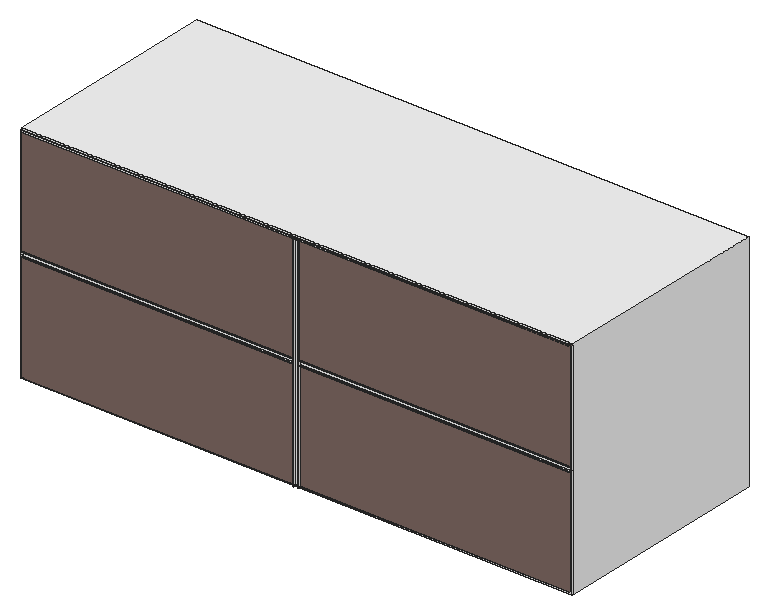
Revit family "vanity unit-hansgrohe-54236XXX-Xevolos E Vanity unit Matt White 1370_550 with 4 drawers for consoles with countertop basin ground left", category Furniture, Revit 2019
Family settings
  OmniClass Number = 23.40.00.00
  OmniClass Title = Equipment and Furnishings
  Work Plane-Based = No
  Always vertical = Yes
  Cut with Voids When Loaded = No
  Shared = Yes
  Room Calculation Point = No
Parameters (values of type "54236730-MATT_WHITE-DARK_OAK-200")
  etim7_EC011381 = "EC011381"
  WEIGHT = "83.3"
  UNSPSC = "56 | Furniture and Furnishings"
  UNIFORMATII = "E2010 | Fixed Furnishings"
  UNICLASS_2015_CODE = "40_30_78_05"
  UNICLASS2015 = "Pr_40_30_78_05 | Bathroom furniture"
  SURFACE = "DARK_OAK"
  REGION = "Worldwide"
  PERMALINK = "54236XXX"
  OMNICLASS = "23-21 19 15 33 13 | Residential Bathroom Specialty Casework"
  OBJECTTYPE = "Object (single object)"
  OBERFLAECHE = "MATT_WHITE"
  NN = "Vanity unit with 4 drawers for consoles with countertop basin ground"
  NBSYN = "$ARTNR.-$OBERFLAECHE.-$SURFACE.-$LODLEVEL."
  NB = "54236730-MATT_WHITE-DARK_OAK-200"
  NAME = "Xevolos E Vanity unit Matt White 1370/550 with 4 drawers for consoles with countertop basin ground left"
  Model = "54236730-MATT_WHITE-DARK_OAK-200"
  Manufacturer = "Hansgrohe"
  MIdent = "{$CADENAS_DATA/23d-libs/hansgrohe/xevolos_furniture/e_vanity_unit_4drawers_consoles_countertop_basin/vanity_unit_4drawers_consoles_countertop_basin.prj},274 {VTYP=3D},{NB=54236730-MATT_WHITE-DARK_OAK-200},{LINA=54236730-MATT_WHITE-DARK_OAK-200},{NN=Vanity unit with 4 drawers for consoles with countertop basin ground},{DATE=13.03.2023 11:56:00},{GEOMDATE=12.03.2023 06:43:00},{VERSION=},{LINEID=30},{WBVAR=LODLEVEL},{WBNUMERIC=}  {NB=54236730-MATT_WHITE-DARK_OAK-200},{LINA=54236730-MATT_WHITE-DARK_OAK-200},{KT=DUMMY},{IDNR=3},{ARTNR=54236730},{BASENUMBER=54236},{MODEL=54236XXX},{OBERFLAECHE=MATT_WHITE},{SURFACE=DARK_OAK},{L=1370},{CTP=L},{LODLEVEL=200},{LODLEVELX='400','400','200','200'},{NAME=Xevolos E Vanity unit Matt White 1370/550 with 4 drawers for consoles with countertop basin ground left},{PERMALINK=54236XXX},{OBJECTTYPE=Object (single object)},{BIMOBJECT=Sanitary: Compound units},{COLLECTIONSET=Xevolos E},{COLLECTION=vanity unit},{WEIGHT=83.3},{DESCRIPTION=Xevolos E Vanity unit Matt White 1370/550 with 4 drawers for consoles with countertop basin ground left},{PRODUCTURL=https://pro.hansgrohe.com/articledetail--54236320},{GTINCODE=0},{TENDERURL=0},{IFC=Furnishing element},{ETIM=EC011381 | Bathroom furniture set},{UNICLASS2015=Pr_40_30_78_05 | Bathroom furniture},{OMNICLASS=23-21 19 15 33 13 | Residential Bathroom Specialty Casework},{MASTERFORMAT=12 35 30.23 | Bathroom Casework},{UNSPSC=56 | Furniture and Furnishings},{UNIFORMATII=E2010 | Fixed Furnishings},{REGION=Worldwide},{DESIGN=Germany},{MANUFACTURER=Germany}"
  MASTERFORMAT = "12 35 30.23 | Bathroom Casework"
  LODLEVEL = "200"
  LINA = "54236730-MATT_WHITE-DARK_OAK-200"
  L = 1370
  IFC = "Furnishing element"
  IDNR = 3
  ETIM = "EC011381 | Bathroom furniture set"
  DESIGN = "Germany"
  CTP = "L"
  COLLECTIONSET = "Xevolos E"
  COLLECTION = "vanity unit"
  CATALOG = "Hansgrohe"
  BIMOBJECT = "Sanitary: Compound units"
  BASENUMBER = "54236"
  ARTNR = "54236730"
  54236730-MATT_WHITE-DARK_OAK-400_RX0RY0RZ0TX0TY0TZ0_V = no
  54236730-MATT_WHITE-DARK_OAK-200_RX0RY0RZ0TX0TY0TZ0_V = yes
  54236390-MATT_WHITE-PATTEREND_BRONZE-400_RX0RY0RZ0TX0TY0TZ0_V = no
  54236390-MATT_WHITE-PATTEREND_BRONZE-200_RX0RY0RZ0TX0TY0TZ0_V = no
  54236320-MATT_WHITE-METALLIC_WHITE-400_RX0RY0RZ0TX0TY0TZ0_V = no
  54236320-MATT_WHITE-METALLIC_WHITE-200_RX0RY0RZ0TX0TY0TZ0_V = no
Reference planes
  plane 1 "Center (Front/Back)": y = 0
  plane 2: z = 0
  plane 3 "Center (Left/Right)": x = 0
Dimensions and locks
  aligned and locked: level to plane 2
Nested families
  nested 1: "54236320-matt_white-metallic_white-200_content" at (0, 0, 0), visible <- "54236320-MATT_WHITE-METALLIC_WHITE-200_RX0RY0RZ0TX0TY0TZ0_V", ContentVisible <- "54236320-MATT_WHITE-METALLIC_WHITE-200_RX0RY0RZ0TX0TY0TZ0_V", type "54236320-MATT_WHITE-METALLIC_WHITE-200_Content"
    with ContentVisible no
  nested 2: "54236320-matt_white-metallic_white-400_content" at (0, 0, 0), visible <- "54236320-MATT_WHITE-METALLIC_WHITE-400_RX0RY0RZ0TX0TY0TZ0_V", ContentVisible <- "54236320-MATT_WHITE-METALLIC_WHITE-400_RX0RY0RZ0TX0TY0TZ0_V", type "54236320-MATT_WHITE-METALLIC_WHITE-400_Content"
    with ContentVisible no
  nested 3: "54236390-matt_white-patterend_bronze-200_content" at (0, 0, 0), visible <- "54236390-MATT_WHITE-PATTEREND_BRONZE-200_RX0RY0RZ0TX0TY0TZ0_V", ContentVisible <- "54236390-MATT_WHITE-PATTEREND_BRONZE-200_RX0RY0RZ0TX0TY0TZ0_V", type "54236390-MATT_WHITE-PATTEREND_BRONZE-200_Content"
    with ContentVisible no
  nested 4: "54236390-matt_white-patterend_bronze-400_content" at (0, 0, 0), visible <- "54236390-MATT_WHITE-PATTEREND_BRONZE-400_RX0RY0RZ0TX0TY0TZ0_V", ContentVisible <- "54236390-MATT_WHITE-PATTEREND_BRONZE-400_RX0RY0RZ0TX0TY0TZ0_V", type "54236390-MATT_WHITE-PATTEREND_BRONZE-400_Content"
    with ContentVisible no
  nested 5: "54236730-matt_white-dark_oak-200_content" at (0, 0, 0), visible <- "54236730-MATT_WHITE-DARK_OAK-200_RX0RY0RZ0TX0TY0TZ0_V", ContentVisible <- "54236730-MATT_WHITE-DARK_OAK-200_RX0RY0RZ0TX0TY0TZ0_V", type "54236730-MATT_WHITE-DARK_OAK-200_Content"
    with ContentVisible yes
  nested 6: "54236730-matt_white-dark_oak-400_content" at (0, 0, 0), visible <- "54236730-MATT_WHITE-DARK_OAK-400_RX0RY0RZ0TX0TY0TZ0_V", ContentVisible <- "54236730-MATT_WHITE-DARK_OAK-400_RX0RY0RZ0TX0TY0TZ0_V", type "54236730-MATT_WHITE-DARK_OAK-400_Content"
    with ContentVisible no
Definition of nested family "54236730-matt_white-dark_oak-200_content"
  Parameters (values of type "54236730-MATT_WHITE-DARK_OAK-200_Content")
    etim7_EC011381 = "EC011381"
    WEIGHT = "83.3"
    UNSPSC = "56 | Furniture and Furnishings"
    UNIFORMATII = "E2010 | Fixed Furnishings"
    UNICLASS_2015_CODE = "40_30_78_05"
    UNICLASS2015 = "Pr_40_30_78_05 | Bathroom furniture"
    SURFACE = "DARK_OAK"
    REGION = "Worldwide"
    PERMALINK = "54236XXX"
    OMNICLASS = "23-21 19 15 33 13 | Residential Bathroom Specialty Casework"
    OBJECTTYPE = "Object (single object)"
    OBERFLAECHE = "MATT_WHITE"
    NN = "Vanity unit with 4 drawers for consoles with countertop basin ground"
    NBSYN = "$ARTNR.-$OBERFLAECHE.-$SURFACE.-$LODLEVEL."
    NB = "54236730-MATT_WHITE-DARK_OAK-200"
    NAME = "Xevolos E Vanity unit Matt White 1370/550 with 4 drawers for consoles with countertop basin ground left"
    Model = "54236730-MATT_WHITE-DARK_OAK-200"
    Manufacturer = "Hansgrohe"
    MASTERFORMAT = "12 35 30.23 | Bathroom Casework"
    LODLEVEL = "200"
    LINA = "54236730-MATT_WHITE-DARK_OAK-200"
    L = 1370
    IFC = "Furnishing element"
    IDNR = 3
    ETIM = "EC011381 | Bathroom furniture set"
    Default Elevation = 1219.2 mm
    DESIGN = "Germany"
    ContentVisible [instance] = yes
    CTP = "L"
    COLLECTIONSET = "Xevolos E"
    COLLECTION = "vanity unit"
    CATALOG = "Hansgrohe"
    BIMOBJECT = "Sanitary: Compound units"
    BASENUMBER = "54236"
    ARTNR = "54236730"
  Reference planes
    plane 1 "Center (Front/Back)": y = 0
    plane 2: z = 0
    plane 3 "Center (Left/Right)": x = 0
  Forms (mm)
    Extrusion 1, solid, visible <- "ContentVisible", detail levels medium+fine
      sketch origin (0, 0, 0) x (1, 0, 0) y (0, 1, 0)
        loop
          line (-685, 0) -> (-685, -544.3) -> (685, -544.3) -> (685, 0) -> (-685, 0)
      from 0 to 558
    Extrusion 2, solid, visible <- "ContentVisible", detail levels medium+fine
      sketch origin (0, -544.3, 0) x (1, 0, 0) y (0, 0, -1)
        loop
          line (-685, -278) -> (-683, -278) -> (-683, -4) -> (683, -4) -> (683, -278) -> (685, -278) -> (685, -2) -> (-685, -2) -> (-685, -278)
      from -4 to 0
    Extrusion 3, solid, visible <- "ContentVisible", detail levels medium+fine
      sketch origin (0, -544.3, 0) x (1, 0, 0) y (0, 0, -1)
        loop
          line (-685, -278) -> (-685, -554) -> (685, -554) -> (685, -278) -> (683, -278) -> (683, -552) -> (-683, -552) -> (-683, -278) -> (-685, -278)
      from -4 to 0
    Extrusion 4, solid, visible <- "ContentVisible", detail levels medium+fine
      sketch origin (0, -544.3, 0) x (1, 0, 0) y (0, 0, -1)
        loop
          line (-683, -272.5) -> (-7, -272.5) -> (-7, -4) -> (-683, -4) -> (-683, -272.5)
      from -4 to 0
    Extrusion 5, solid, visible <- "ContentVisible", detail levels medium+fine
      sketch origin (0, -544.3, 0) x (1, 0, 0) y (0, 0, -1)
        loop
          line (7, -272.5) -> (683, -272.5) -> (683, -4) -> (7, -4) -> (7, -272.5)
      from -2 to 0
    Extrusion 6, solid, visible <- "ContentVisible", detail levels medium+fine
      sketch origin (0, -544.3, 0) x (1, 0, 0) y (0, 0, -1)
        loop
          line (-683, -554) -> (-7, -554) -> (-7, -285.5) -> (-683, -285.5) -> (-683, -554)
      from -4 to 0
    Extrusion 7, solid, visible <- "ContentVisible", detail levels medium+fine
      sketch origin (0, -544.3, 0) x (1, 0, 0) y (0, 0, -1)
        loop
          line (7, -554) -> (683, -554) -> (683, -285.5) -> (7, -285.5) -> (7, -554)
      from -4 to 0
    Extrusion 8, solid, visible <- "ContentVisible", detail levels medium+fine
      sketch origin (0, 0, 272.5) x (1, 0, 0) y (0, 1, 0)
        loop
          line (-683, -527) -> (-683, -548.3) -> (-7, -548.3) -> (-7, -527) -> (-683, -527)
      from 0 to 2
    Extrusion 9, solid, visible <- "ContentVisible", detail levels medium+fine
      sketch origin (0, 0, 272.5) x (1, 0, 0) y (0, 1, 0)
        loop
          line (7, -548.3) -> (683, -548.3) -> (683, -527) -> (7, -527) -> (7, -548.3)
      from 0 to 2
    Extrusion 10, solid, visible <- "ContentVisible", detail levels medium+fine
      sketch origin (0, 0, 285.5) x (1, 0, 0) y (0, 1, 0)
        loop
          line (-683, -527) -> (-683, -548.3) -> (-7, -548.3) -> (-7, -527) -> (-683, -527)
      from -2 to 0
    Extrusion 11, solid, visible <- "ContentVisible", detail levels medium+fine
      sketch origin (0, 0, 285.5) x (1, 0, 0) y (0, 1, 0)
        loop
          line (7, -548.3) -> (683, -548.3) -> (683, -527) -> (7, -527) -> (7, -548.3)
      from -2 to 0
    Extrusion 12, solid, visible <- "ContentVisible", detail levels medium+fine
      sketch origin (0, 0, 0) x (1, 0, 0) y (0, 1, 0)
        loop
          line (-7, -544.3) -> (-7, -548.3) -> (-5, -548.3) -> (-5, -544.3) -> (-7, -544.3)
      from 0 to 554
    Extrusion 13, solid, visible <- "ContentVisible", detail levels medium+fine
      sketch origin (0, 0, 0) x (1, 0, 0) y (0, 1, 0)
        loop
          line (5, -544.3) -> (5, -548.3) -> (7, -548.3) -> (7, -544.3) -> (5, -544.3)
      from 0 to 554
    Extrusion 14, solid, visible <- "ContentVisible", detail levels coarse
      sketch origin (0, -274.15, 0) x (1, 0, 0) y (0, 1, 0)
        loop
          line (-685, -274.15) -> (685, -274.15) -> (685, 274.15) -> (-685, 274.15) -> (-685, -274.15)
      from 0 to 558
  Dimensions and locks
    aligned and locked: level to plane 2
Definition of nested family "54236320-matt_white-metallic_white-200_content"
  Parameters (values of type "54236320-MATT_WHITE-METALLIC_WHITE-200_Content")
    etim7_EC011381 = "EC011381"
    WEIGHT = "83.3"
    UNSPSC = "56 | Furniture and Furnishings"
    UNIFORMATII = "E2010 | Fixed Furnishings"
    UNICLASS_2015_CODE = "40_30_78_05"
    UNICLASS2015 = "Pr_40_30_78_05 | Bathroom furniture"
    SURFACE = "METALLIC_WHITE"
    REGION = "Worldwide"
    PERMALINK = "54236XXX"
    OMNICLASS = "23-21 19 15 33 13 | Residential Bathroom Specialty Casework"
    OBJECTTYPE = "Object (single object)"
    OBERFLAECHE = "MATT_WHITE"
    NN = "Vanity unit with 4 drawers for consoles with countertop basin ground"
    NBSYN = "$ARTNR.-$OBERFLAECHE.-$SURFACE.-$LODLEVEL."
    NB = "54236320-MATT_WHITE-METALLIC_WHITE-200"
    NAME = "Xevolos E Vanity unit Matt White 1370/550 with 4 drawers for consoles with countertop basin ground left"
    Model = "54236320-MATT_WHITE-METALLIC_WHITE-200"
    Manufacturer = "Hansgrohe"
    MASTERFORMAT = "12 35 30.23 | Bathroom Casework"
    LODLEVEL = "200"
    LINA = "54236320-MATT_WHITE-METALLIC_WHITE-200"
    L = 1370
    IFC = "Furnishing element"
    IDNR = 1
    ETIM = "EC011381 | Bathroom furniture set"
    Default Elevation = 1219.2 mm
    DESIGN = "Germany"
    ContentVisible [instance] = yes
    CTP = "L"
    COLLECTIONSET = "Xevolos E"
    COLLECTION = "vanity unit"
    CATALOG = "Hansgrohe"
    BIMOBJECT = "Sanitary: Compound units"
    BASENUMBER = "54236"
    ARTNR = "54236320"
  Reference planes
    plane 1 "Center (Front/Back)": y = 0
    plane 2: z = 0
    plane 3 "Center (Left/Right)": x = 0
  Forms (mm)
    Extrusion 1, solid, visible <- "ContentVisible", detail levels medium+fine
      sketch origin (0, 0, 0) x (1, 0, 0) y (0, 1, 0)
        loop
          line (-685, 0) -> (-685, -544.3) -> (685, -544.3) -> (685, 0) -> (-685, 0)
      from 0 to 558
    Extrusion 2, solid, visible <- "ContentVisible", detail levels medium+fine
      sketch origin (0, -544.3, 0) x (1, 0, 0) y (0, 0, -1)
        loop
          line (-685, -278) -> (-683, -278) -> (-683, -4) -> (683, -4) -> (683, -278) -> (685, -278) -> (685, -2) -> (-685, -2) -> (-685, -278)
      from -4 to 0
    Extrusion 3, solid, visible <- "ContentVisible", detail levels medium+fine
      sketch origin (0, -544.3, 0) x (1, 0, 0) y (0, 0, -1)
        loop
          line (-685, -278) -> (-685, -554) -> (685, -554) -> (685, -278) -> (683, -278) -> (683, -552) -> (-683, -552) -> (-683, -278) -> (-685, -278)
      from -4 to 0
    Extrusion 4, solid, visible <- "ContentVisible", detail levels medium+fine
      sketch origin (0, -544.3, 0) x (1, 0, 0) y (0, 0, -1)
        loop
          line (-683, -272.5) -> (-7, -272.5) -> (-7, -4) -> (-683, -4) -> (-683, -272.5)
      from -4 to 0
    Extrusion 5, solid, visible <- "ContentVisible", detail levels medium+fine
      sketch origin (0, -544.3, 0) x (1, 0, 0) y (0, 0, -1)
        loop
          line (7, -272.5) -> (683, -272.5) -> (683, -4) -> (7, -4) -> (7, -272.5)
      from -2 to 0
    Extrusion 6, solid, visible <- "ContentVisible", detail levels medium+fine
      sketch origin (0, -544.3, 0) x (1, 0, 0) y (0, 0, -1)
        loop
          line (-683, -554) -> (-7, -554) -> (-7, -285.5) -> (-683, -285.5) -> (-683, -554)
      from -4 to 0
    Extrusion 7, solid, visible <- "ContentVisible", detail levels medium+fine
      sketch origin (0, -544.3, 0) x (1, 0, 0) y (0, 0, -1)
        loop
          line (7, -554) -> (683, -554) -> (683, -285.5) -> (7, -285.5) -> (7, -554)
      from -4 to 0
    Extrusion 8, solid, visible <- "ContentVisible", detail levels medium+fine
      sketch origin (0, 0, 272.5) x (1, 0, 0) y (0, 1, 0)
        loop
          line (-683, -527) -> (-683, -548.3) -> (-7, -548.3) -> (-7, -527) -> (-683, -527)
      from 0 to 2
    Extrusion 9, solid, visible <- "ContentVisible", detail levels medium+fine
      sketch origin (0, 0, 272.5) x (1, 0, 0) y (0, 1, 0)
        loop
          line (7, -548.3) -> (683, -548.3) -> (683, -527) -> (7, -527) -> (7, -548.3)
      from 0 to 2
    Extrusion 10, solid, visible <- "ContentVisible", detail levels medium+fine
      sketch origin (0, 0, 285.5) x (1, 0, 0) y (0, 1, 0)
        loop
          line (-683, -527) -> (-683, -548.3) -> (-7, -548.3) -> (-7, -527) -> (-683, -527)
      from -2 to 0
    Extrusion 11, solid, visible <- "ContentVisible", detail levels medium+fine
      sketch origin (0, 0, 285.5) x (1, 0, 0) y (0, 1, 0)
        loop
          line (7, -548.3) -> (683, -548.3) -> (683, -527) -> (7, -527) -> (7, -548.3)
      from -2 to 0
    Extrusion 12, solid, visible <- "ContentVisible", detail levels medium+fine
      sketch origin (0, 0, 0) x (1, 0, 0) y (0, 1, 0)
        loop
          line (-7, -544.3) -> (-7, -548.3) -> (-5, -548.3) -> (-5, -544.3) -> (-7, -544.3)
      from 0 to 554
    Extrusion 13, solid, visible <- "ContentVisible", detail levels medium+fine
      sketch origin (0, 0, 0) x (1, 0, 0) y (0, 1, 0)
        loop
          line (5, -544.3) -> (5, -548.3) -> (7, -548.3) -> (7, -544.3) -> (5, -544.3)
      from 0 to 554
    Extrusion 14, solid, visible <- "ContentVisible", detail levels coarse
      sketch origin (0, -274.15, 0) x (1, 0, 0) y (0, 1, 0)
        loop
          line (-685, -274.15) -> (685, -274.15) -> (685, 274.15) -> (-685, 274.15) -> (-685, -274.15)
      from 0 to 558
  Dimensions and locks
    aligned and locked: level to plane 2
Definition of nested family "54236320-matt_white-metallic_white-400_content"
  Parameters (values of type "54236320-MATT_WHITE-METALLIC_WHITE-400_Content")
    etim7_EC011381 = "EC011381"
    WEIGHT = "83.3"
    UNSPSC = "56 | Furniture and Furnishings"
    UNIFORMATII = "E2010 | Fixed Furnishings"
    UNICLASS_2015_CODE = "40_30_78_05"
    UNICLASS2015 = "Pr_40_30_78_05 | Bathroom furniture"
    SURFACE = "METALLIC_WHITE"
    REGION = "Worldwide"
    PERMALINK = "54236XXX"
    OMNICLASS = "23-21 19 15 33 13 | Residential Bathroom Specialty Casework"
    OBJECTTYPE = "Object (single object)"
    OBERFLAECHE = "MATT_WHITE"
    NN = "Vanity unit with 4 drawers for consoles with countertop basin ground"
    NBSYN = "$ARTNR.-$OBERFLAECHE.-$SURFACE.-$LODLEVEL."
    NB = "54236320-MATT_WHITE-METALLIC_WHITE-400"
    NAME = "Xevolos E Vanity unit Matt White 1370/550 with 4 drawers for consoles with countertop basin ground left"
    Model = "54236320-MATT_WHITE-METALLIC_WHITE-400"
    Manufacturer = "Hansgrohe"
    MASTERFORMAT = "12 35 30.23 | Bathroom Casework"
    LODLEVEL = "400"
    LINA = "54236320-MATT_WHITE-METALLIC_WHITE-400"
    L = 1370
    IFC = "Furnishing element"
    IDNR = 1
    ETIM = "EC011381 | Bathroom furniture set"
    Default Elevation = 1219.2 mm
    DESIGN = "Germany"
    ContentVisible [instance] = yes
    CTP = "L"
    COLLECTIONSET = "Xevolos E"
    COLLECTION = "vanity unit"
    CATALOG = "Hansgrohe"
    BIMOBJECT = "Sanitary: Compound units"
    BASENUMBER = "54236"
    ARTNR = "54236320"
  Reference planes
    plane 1 "Center (Front/Back)": y = 0
    plane 2: z = 0
    plane 3 "Center (Left/Right)": x = 0
  Forms (mm)
    Extrusion 1, solid, visible <- "ContentVisible", detail levels medium+fine
      sketch origin (0, 0, 0) x (1, 0, 0) y (0, 1, 0)
        loop
          line (-685, 0) -> (-685, -548.3) -> (-683, -548.3) -> (-683, -544.3) -> (-669, -544.3) -> (-669, 0) -> (-685, 0)
      from 0 to 558
    Extrusion 2, solid, visible <- "ContentVisible", detail levels medium+fine
      sketch origin (0, 0, 0) x (1, 0, 0) y (0, 1, 0)
        loop
          line (-669, -131.5) -> (-669, -498) -> (669, -498) -> (669, -131.5) -> (-669, -131.5)
      from 0 to 16
    Extrusion 3, solid, visible <- "ContentVisible", detail levels medium+fine
      sketch origin (0, 0, 0) x (1, 0, 0) y (0, 1, 0)
        loop
          line (669, 0) -> (669, -544.3) -> (683, -544.3) -> (683, -548.3) -> (685, -548.3) -> (685, 0) -> (669, 0)
      from 0 to 558
    Extrusion 4, solid, visible <- "ContentVisible", detail levels medium+fine
      sketch origin (0, 0, 0.5) x (1, 0, 0) y (0, 1, 0)
        loop
          line (-669, -115.5) -> (-669, -131.5) -> (669, -131.5) -> (669, -115.5) -> (-669, -115.5)
      from 0 to 126
    Extrusion 5, solid, visible <- "ContentVisible", detail levels medium+fine
      sketch origin (0, 0, 0) x (1, 0, 0) y (0, 1, 0)
        loop
          line (-5, -536) -> (5, -536) -> (5, 0) -> (-5, 0) -> (-5, -536)
      from 0 to 558
    Extrusion 6, solid, visible <- "ContentVisible", detail levels medium+fine
      sketch origin (0, 0, 0) x (1, 0, 0) y (0, 1, 0)
        loop
          line (-21, 0) -> (-21, -544.3) -> (-7, -544.3) -> (-7, -548.3) -> (-5, -548.3) -> (-5, 0) -> (-21, 0)
      from 0 to 558
    Extrusion 7, solid, visible <- "ContentVisible", detail levels medium+fine
      sketch origin (0, 0, 0) x (1, 0, 0) y (0, 1, 0)
        loop
          line (5, 0) -> (5, -548.3) -> (7, -548.3) -> (7, -544.3) -> (21, -544.3) -> (21, 0) -> (5, 0)
      from 0 to 558
    Extrusion 8, solid, visible <- "ContentVisible", detail levels medium+fine
      sketch origin (0, 0, 2) x (1, 0, 0) y (0, 1, 0)
        loop
          line (-683, -527) -> (-683, -548.3) -> (-7, -548.3) -> (-7, -527) -> (-683, -527)
      from 0 to 2
    Extrusion 9, solid, visible <- "ContentVisible", detail levels medium+fine
      sketch origin (0, 0, 2) x (1, 0, 0) y (0, 1, 0)
        loop
          line (7, -548.3) -> (683, -548.3) -> (683, -527) -> (7, -527) -> (7, -548.3)
      from 0 to 2
    Extrusion 10, solid, visible <- "ContentVisible", detail levels medium+fine
      sketch origin (0, 0, 556) x (1, 0, 0) y (0, 1, 0)
        loop
          line (-683, -527) -> (-683, -548.3) -> (-7, -548.3) -> (-7, -527) -> (-683, -527)
      from -2 to 0
    Extrusion 11, solid, visible <- "ContentVisible", detail levels medium+fine
      sketch origin (0, 0, 556) x (1, 0, 0) y (0, 1, 0)
        loop
          line (7, -548.3) -> (683, -548.3) -> (683, -527) -> (7, -527) -> (7, -548.3)
      from -2 to 0
    Extrusion 12, solid, visible <- "ContentVisible", detail levels medium+fine
      sketch origin (0, -544.3, 0) x (1, 0, 0) y (0, 0, -1)
        loop
          line (-683, -272.5) -> (-7, -272.5) -> (-7, -4) -> (-683, -4) -> (-683, -272.5)
      from -4 to 0
    Extrusion 13, solid, visible <- "ContentVisible", detail levels medium+fine
      sketch origin (0, -544.3, 0) x (1, 0, 0) y (0, 0, -1)
        loop
          line (7, -272.5) -> (683, -272.5) -> (683, -4) -> (7, -4) -> (7, -272.5)
      from -2 to 0
    Extrusion 14, solid, visible <- "ContentVisible", detail levels medium+fine
      sketch origin (0, -544.3, 0) x (1, 0, 0) y (0, 0, -1)
        loop
          line (-683, -554) -> (-7, -554) -> (-7, -285.5) -> (-683, -285.5) -> (-683, -554)
      from -4 to 0
    Extrusion 15, solid, visible <- "ContentVisible", detail levels medium+fine
      sketch origin (0, -544.3, 0) x (1, 0, 0) y (0, 0, -1)
        loop
          line (7, -554) -> (683, -554) -> (683, -285.5) -> (7, -285.5) -> (7, -554)
      from -4 to 0
    Extrusion 16, solid, visible <- "ContentVisible", detail levels medium+fine
      sketch origin (0, 0, 272.5) x (1, 0, 0) y (0, 1, 0)
        loop
          line (-683, -527) -> (-683, -548.3) -> (-7, -548.3) -> (-7, -527) -> (-683, -527)
      from 0 to 2
    Extrusion 17, solid, visible <- "ContentVisible", detail levels medium+fine
      sketch origin (0, 0, 272.5) x (1, 0, 0) y (0, 1, 0)
        loop
          line (7, -548.3) -> (683, -548.3) -> (683, -527) -> (7, -527) -> (7, -548.3)
      from 0 to 2
    Extrusion 18, solid, visible <- "ContentVisible", detail levels medium+fine
      sketch origin (0, 0, 285.5) x (1, 0, 0) y (0, 1, 0)
        loop
          line (-683, -527) -> (-683, -548.3) -> (-7, -548.3) -> (-7, -527) -> (-683, -527)
      from -2 to 0
    Extrusion 19, solid, visible <- "ContentVisible", detail levels medium+fine
      sketch origin (0, 0, 285.5) x (1, 0, 0) y (0, 1, 0)
        loop
          line (7, -548.3) -> (683, -548.3) -> (683, -527) -> (7, -527) -> (7, -548.3)
      from -2 to 0
    Extrusion 20, solid, visible <- "ContentVisible", detail levels medium+fine
      sketch origin (0, -544.3, 0) x (1, 0, 0) y (0, 0, -1)
        loop
          line (-683, -274.5) -> (-7, -274.5) -> (-7, -4.5) -> (-683, -4.5) -> (-683, -274.5)
        loop
          line (-609, -80.5) -> (-609, -272.5) -> (-81, -272.5) -> (-81, -80.5) -> (-609, -80.5)
      from 0 to 17
    Extrusion 21, solid, visible <- "ContentVisible", detail levels medium+fine
      sketch origin (0, -544.3, 0) x (1, 0, 0) y (0, 0, -1)
        loop
          line (7, -274.5) -> (683, -274.5) -> (683, -4.5) -> (7, -4.5) -> (7, -274.5)
        loop
          line (81, -80.5) -> (81, -272.5) -> (609, -272.5) -> (609, -80.5) -> (81, -80.5)
      from 0 to 17
    Extrusion 22, solid, visible <- "ContentVisible", detail levels medium+fine
      sketch origin (0, -544.3, 0) x (1, 0, 0) y (0, 0, -1)
        loop
          line (-683, -553.5) -> (-607, -553.5) -> (-607, -361.5) -> (-83, -361.5) -> (-83, -553.5) -> (-7, -553.5) -> (-7, -285.5) -> (-683, -285.5) -> (-683, -553.5)
      from 0 to 17
    Extrusion 23, solid, visible <- "ContentVisible", detail levels medium+fine
      sketch origin (0, -544.3, 0) x (1, 0, 0) y (0, 0, -1)
        loop
          line (7, -285.5) -> (7, -553.5) -> (83, -553.5) -> (83, -361.5) -> (607, -361.5) -> (607, -553.5) -> (683, -553.5) -> (683, -285.5) -> (7, -285.5)
      from 0 to 17
    Extrusion 24, solid, visible <- "ContentVisible", detail levels medium+fine
      sketch origin (0, 0, 0) x (0, 0, -1) y (0, 1, 0)
        loop
          line (-285, -395.5) -> (-285, -520) -> (-269, -520) -> (-269, -395.5) -> (-285, -395.5)
      from -669 to 669
    Extrusion 25, solid, visible <- "ContentVisible", detail levels medium+fine
      sketch origin (0, 0, 557.5) x (1, 0, 0) y (0, 1, 0)
        loop
          line (-669, -521.5) -> (-21, -521.5) -> (-21, -23) -> (-195, -23) -> (-195, -273)
          arc (-195, -273) -> (-224.289, -343.711) -> (-295, -373) r 100
          line (-295, -373) -> (-395, -373)
          arc (-395, -373) -> (-465.711, -343.711) -> (-495, -273) r 100
          line (-495, -273) -> (-495, -23) -> (-669, -23) -> (-669, -521.5)
      from -16 to 0
    Extrusion 26, solid, visible <- "ContentVisible", detail levels medium+fine
      sketch origin (0, 0, 557.5) x (1, 0, 0) y (0, 1, 0)
        loop
          line (21, -23) -> (21, -521.5) -> (669, -521.5) -> (669, -23) -> (21, -23)
      from -16 to 0
    Extrusion 27, solid, visible <- "ContentVisible", detail levels coarse
      sketch origin (0, -274.15, 0) x (1, 0, 0) y (0, 1, 0)
        loop
          line (-685, -274.15) -> (685, -274.15) -> (685, 274.15) -> (-685, 274.15) -> (-685, -274.15)
      from 0 to 558
  Dimensions and locks
    aligned and locked: level to plane 2
Definition of nested family "54236390-matt_white-patterend_bronze-200_content"
  Parameters (values of type "54236390-MATT_WHITE-PATTEREND_BRONZE-200_Content")
    etim7_EC011381 = "EC011381"
    WEIGHT = "83.3"
    UNSPSC = "56 | Furniture and Furnishings"
    UNIFORMATII = "E2010 | Fixed Furnishings"
    UNICLASS_2015_CODE = "40_30_78_05"
    UNICLASS2015 = "Pr_40_30_78_05 | Bathroom furniture"
    SURFACE = "PATTEREND_BRONZE"
    REGION = "Worldwide"
    PERMALINK = "54236XXX"
    OMNICLASS = "23-21 19 15 33 13 | Residential Bathroom Specialty Casework"
    OBJECTTYPE = "Object (single object)"
    OBERFLAECHE = "MATT_WHITE"
    NN = "Vanity unit with 4 drawers for consoles with countertop basin ground"
    NBSYN = "$ARTNR.-$OBERFLAECHE.-$SURFACE.-$LODLEVEL."
    NB = "54236390-MATT_WHITE-PATTEREND_BRONZE-200"
    NAME = "Xevolos E Vanity unit Matt White 1370/550 with 4 drawers for consoles with countertop basin ground left"
    Model = "54236390-MATT_WHITE-PATTEREND_BRONZE-200"
    Manufacturer = "Hansgrohe"
    MASTERFORMAT = "12 35 30.23 | Bathroom Casework"
    LODLEVEL = "200"
    LINA = "54236390-MATT_WHITE-PATTEREND_BRONZE-200"
    L = 1370
    IFC = "Furnishing element"
    IDNR = 2
    ETIM = "EC011381 | Bathroom furniture set"
    Default Elevation = 1219.2 mm
    DESIGN = "Germany"
    ContentVisible [instance] = yes
    CTP = "L"
    COLLECTIONSET = "Xevolos E"
    COLLECTION = "vanity unit"
    CATALOG = "Hansgrohe"
    BIMOBJECT = "Sanitary: Compound units"
    BASENUMBER = "54236"
    ARTNR = "54236390"
  Reference planes
    plane 1 "Center (Front/Back)": y = 0
    plane 2: z = 0
    plane 3 "Center (Left/Right)": x = 0
  Forms (mm)
    Extrusion 1, solid, visible <- "ContentVisible", detail levels medium+fine
      sketch origin (0, 0, 0) x (1, 0, 0) y (0, 1, 0)
        loop
          line (-685, 0) -> (-685, -544.3) -> (685, -544.3) -> (685, 0) -> (-685, 0)
      from 0 to 558
    Extrusion 2, solid, visible <- "ContentVisible", detail levels medium+fine
      sketch origin (0, -544.3, 0) x (1, 0, 0) y (0, 0, -1)
        loop
          line (-685, -278) -> (-683, -278) -> (-683, -4) -> (683, -4) -> (683, -278) -> (685, -278) -> (685, -2) -> (-685, -2) -> (-685, -278)
      from -4 to 0
    Extrusion 3, solid, visible <- "ContentVisible", detail levels medium+fine
      sketch origin (0, -544.3, 0) x (1, 0, 0) y (0, 0, -1)
        loop
          line (-685, -278) -> (-685, -554) -> (685, -554) -> (685, -278) -> (683, -278) -> (683, -552) -> (-683, -552) -> (-683, -278) -> (-685, -278)
      from -4 to 0
    Extrusion 4, solid, visible <- "ContentVisible", detail levels medium+fine
      sketch origin (0, -544.3, 0) x (1, 0, 0) y (0, 0, -1)
        loop
          line (-683, -272.5) -> (-7, -272.5) -> (-7, -4) -> (-683, -4) -> (-683, -272.5)
      from -4 to 0
    Extrusion 5, solid, visible <- "ContentVisible", detail levels medium+fine
      sketch origin (0, -544.3, 0) x (1, 0, 0) y (0, 0, -1)
        loop
          line (7, -272.5) -> (683, -272.5) -> (683, -4) -> (7, -4) -> (7, -272.5)
      from -2 to 0
    Extrusion 6, solid, visible <- "ContentVisible", detail levels medium+fine
      sketch origin (0, -544.3, 0) x (1, 0, 0) y (0, 0, -1)
        loop
          line (-683, -554) -> (-7, -554) -> (-7, -285.5) -> (-683, -285.5) -> (-683, -554)
      from -4 to 0
    Extrusion 7, solid, visible <- "ContentVisible", detail levels medium+fine
      sketch origin (0, -544.3, 0) x (1, 0, 0) y (0, 0, -1)
        loop
          line (7, -554) -> (683, -554) -> (683, -285.5) -> (7, -285.5) -> (7, -554)
      from -4 to 0
    Extrusion 8, solid, visible <- "ContentVisible", detail levels medium+fine
      sketch origin (0, 0, 272.5) x (1, 0, 0) y (0, 1, 0)
        loop
          line (-683, -527) -> (-683, -548.3) -> (-7, -548.3) -> (-7, -527) -> (-683, -527)
      from 0 to 2
    Extrusion 9, solid, visible <- "ContentVisible", detail levels medium+fine
      sketch origin (0, 0, 272.5) x (1, 0, 0) y (0, 1, 0)
        loop
          line (7, -548.3) -> (683, -548.3) -> (683, -527) -> (7, -527) -> (7, -548.3)
      from 0 to 2
    Extrusion 10, solid, visible <- "ContentVisible", detail levels medium+fine
      sketch origin (0, 0, 285.5) x (1, 0, 0) y (0, 1, 0)
        loop
          line (-683, -527) -> (-683, -548.3) -> (-7, -548.3) -> (-7, -527) -> (-683, -527)
      from -2 to 0
    Extrusion 11, solid, visible <- "ContentVisible", detail levels medium+fine
      sketch origin (0, 0, 285.5) x (1, 0, 0) y (0, 1, 0)
        loop
          line (7, -548.3) -> (683, -548.3) -> (683, -527) -> (7, -527) -> (7, -548.3)
      from -2 to 0
    Extrusion 12, solid, visible <- "ContentVisible", detail levels medium+fine
      sketch origin (0, 0, 0) x (1, 0, 0) y (0, 1, 0)
        loop
          line (-7, -544.3) -> (-7, -548.3) -> (-5, -548.3) -> (-5, -544.3) -> (-7, -544.3)
      from 0 to 554
    Extrusion 13, solid, visible <- "ContentVisible", detail levels medium+fine
      sketch origin (0, 0, 0) x (1, 0, 0) y (0, 1, 0)
        loop
          line (5, -544.3) -> (5, -548.3) -> (7, -548.3) -> (7, -544.3) -> (5, -544.3)
      from 0 to 554
    Extrusion 14, solid, visible <- "ContentVisible", detail levels coarse
      sketch origin (0, -274.15, 0) x (1, 0, 0) y (0, 1, 0)
        loop
          line (-685, -274.15) -> (685, -274.15) -> (685, 274.15) -> (-685, 274.15) -> (-685, -274.15)
      from 0 to 558
  Dimensions and locks
    aligned and locked: level to plane 2
Definition of nested family "54236390-matt_white-patterend_bronze-400_content"
  Parameters (values of type "54236390-MATT_WHITE-PATTEREND_BRONZE-400_Content")
    etim7_EC011381 = "EC011381"
    WEIGHT = "83.3"
    UNSPSC = "56 | Furniture and Furnishings"
    UNIFORMATII = "E2010 | Fixed Furnishings"
    UNICLASS_2015_CODE = "40_30_78_05"
    UNICLASS2015 = "Pr_40_30_78_05 | Bathroom furniture"
    SURFACE = "PATTEREND_BRONZE"
    REGION = "Worldwide"
    PERMALINK = "54236XXX"
    OMNICLASS = "23-21 19 15 33 13 | Residential Bathroom Specialty Casework"
    OBJECTTYPE = "Object (single object)"
    OBERFLAECHE = "MATT_WHITE"
    NN = "Vanity unit with 4 drawers for consoles with countertop basin ground"
    NBSYN = "$ARTNR.-$OBERFLAECHE.-$SURFACE.-$LODLEVEL."
    NB = "54236390-MATT_WHITE-PATTEREND_BRONZE-400"
    NAME = "Xevolos E Vanity unit Matt White 1370/550 with 4 drawers for consoles with countertop basin ground left"
    Model = "54236390-MATT_WHITE-PATTEREND_BRONZE-400"
    Manufacturer = "Hansgrohe"
    MASTERFORMAT = "12 35 30.23 | Bathroom Casework"
    LODLEVEL = "400"
    LINA = "54236390-MATT_WHITE-PATTEREND_BRONZE-400"
    L = 1370
    IFC = "Furnishing element"
    IDNR = 2
    ETIM = "EC011381 | Bathroom furniture set"
    Default Elevation = 1219.2 mm
    DESIGN = "Germany"
    ContentVisible [instance] = yes
    CTP = "L"
    COLLECTIONSET = "Xevolos E"
    COLLECTION = "vanity unit"
    CATALOG = "Hansgrohe"
    BIMOBJECT = "Sanitary: Compound units"
    BASENUMBER = "54236"
    ARTNR = "54236390"
  Reference planes
    plane 1 "Center (Front/Back)": y = 0
    plane 2: z = 0
    plane 3 "Center (Left/Right)": x = 0
  Forms (mm)
    Extrusion 1, solid, visible <- "ContentVisible", detail levels medium+fine
      sketch origin (0, 0, 0) x (1, 0, 0) y (0, 1, 0)
        loop
          line (-685, 0) -> (-685, -548.3) -> (-683, -548.3) -> (-683, -544.3) -> (-669, -544.3) -> (-669, 0) -> (-685, 0)
      from 0 to 558
    Extrusion 2, solid, visible <- "ContentVisible", detail levels medium+fine
      sketch origin (0, 0, 0) x (1, 0, 0) y (0, 1, 0)
        loop
          line (-669, -131.5) -> (-669, -498) -> (669, -498) -> (669, -131.5) -> (-669, -131.5)
      from 0 to 16
    Extrusion 3, solid, visible <- "ContentVisible", detail levels medium+fine
      sketch origin (0, 0, 0) x (1, 0, 0) y (0, 1, 0)
        loop
          line (669, 0) -> (669, -544.3) -> (683, -544.3) -> (683, -548.3) -> (685, -548.3) -> (685, 0) -> (669, 0)
      from 0 to 558
    Extrusion 4, solid, visible <- "ContentVisible", detail levels medium+fine
      sketch origin (0, 0, 0.5) x (1, 0, 0) y (0, 1, 0)
        loop
          line (-669, -115.5) -> (-669, -131.5) -> (669, -131.5) -> (669, -115.5) -> (-669, -115.5)
      from 0 to 126
    Extrusion 5, solid, visible <- "ContentVisible", detail levels medium+fine
      sketch origin (0, 0, 0) x (1, 0, 0) y (0, 1, 0)
        loop
          line (-5, -536) -> (5, -536) -> (5, 0) -> (-5, 0) -> (-5, -536)
      from 0 to 558
    Extrusion 6, solid, visible <- "ContentVisible", detail levels medium+fine
      sketch origin (0, 0, 0) x (1, 0, 0) y (0, 1, 0)
        loop
          line (-21, 0) -> (-21, -544.3) -> (-7, -544.3) -> (-7, -548.3) -> (-5, -548.3) -> (-5, 0) -> (-21, 0)
      from 0 to 558
    Extrusion 7, solid, visible <- "ContentVisible", detail levels medium+fine
      sketch origin (0, 0, 0) x (1, 0, 0) y (0, 1, 0)
        loop
          line (5, 0) -> (5, -548.3) -> (7, -548.3) -> (7, -544.3) -> (21, -544.3) -> (21, 0) -> (5, 0)
      from 0 to 558
    Extrusion 8, solid, visible <- "ContentVisible", detail levels medium+fine
      sketch origin (0, 0, 2) x (1, 0, 0) y (0, 1, 0)
        loop
          line (-683, -527) -> (-683, -548.3) -> (-7, -548.3) -> (-7, -527) -> (-683, -527)
      from 0 to 2
    Extrusion 9, solid, visible <- "ContentVisible", detail levels medium+fine
      sketch origin (0, 0, 2) x (1, 0, 0) y (0, 1, 0)
        loop
          line (7, -548.3) -> (683, -548.3) -> (683, -527) -> (7, -527) -> (7, -548.3)
      from 0 to 2
    Extrusion 10, solid, visible <- "ContentVisible", detail levels medium+fine
      sketch origin (0, 0, 556) x (1, 0, 0) y (0, 1, 0)
        loop
          line (-683, -527) -> (-683, -548.3) -> (-7, -548.3) -> (-7, -527) -> (-683, -527)
      from -2 to 0
    Extrusion 11, solid, visible <- "ContentVisible", detail levels medium+fine
      sketch origin (0, 0, 556) x (1, 0, 0) y (0, 1, 0)
        loop
          line (7, -548.3) -> (683, -548.3) -> (683, -527) -> (7, -527) -> (7, -548.3)
      from -2 to 0
    Extrusion 12, solid, visible <- "ContentVisible", detail levels medium+fine
      sketch origin (0, -544.3, 0) x (1, 0, 0) y (0, 0, -1)
        loop
          line (-683, -272.5) -> (-7, -272.5) -> (-7, -4) -> (-683, -4) -> (-683, -272.5)
      from -4 to 0
    Extrusion 13, solid, visible <- "ContentVisible", detail levels medium+fine
      sketch origin (0, -544.3, 0) x (1, 0, 0) y (0, 0, -1)
        loop
          line (7, -272.5) -> (683, -272.5) -> (683, -4) -> (7, -4) -> (7, -272.5)
      from -2 to 0
    Extrusion 14, solid, visible <- "ContentVisible", detail levels medium+fine
      sketch origin (0, -544.3, 0) x (1, 0, 0) y (0, 0, -1)
        loop
          line (-683, -554) -> (-7, -554) -> (-7, -285.5) -> (-683, -285.5) -> (-683, -554)
      from -4 to 0
    Extrusion 15, solid, visible <- "ContentVisible", detail levels medium+fine
      sketch origin (0, -544.3, 0) x (1, 0, 0) y (0, 0, -1)
        loop
          line (7, -554) -> (683, -554) -> (683, -285.5) -> (7, -285.5) -> (7, -554)
      from -4 to 0
    Extrusion 16, solid, visible <- "ContentVisible", detail levels medium+fine
      sketch origin (0, 0, 272.5) x (1, 0, 0) y (0, 1, 0)
        loop
          line (-683, -527) -> (-683, -548.3) -> (-7, -548.3) -> (-7, -527) -> (-683, -527)
      from 0 to 2
    Extrusion 17, solid, visible <- "ContentVisible", detail levels medium+fine
      sketch origin (0, 0, 272.5) x (1, 0, 0) y (0, 1, 0)
        loop
          line (7, -548.3) -> (683, -548.3) -> (683, -527) -> (7, -527) -> (7, -548.3)
      from 0 to 2
    Extrusion 18, solid, visible <- "ContentVisible", detail levels medium+fine
      sketch origin (0, 0, 285.5) x (1, 0, 0) y (0, 1, 0)
        loop
          line (-683, -527) -> (-683, -548.3) -> (-7, -548.3) -> (-7, -527) -> (-683, -527)
      from -2 to 0
    Extrusion 19, solid, visible <- "ContentVisible", detail levels medium+fine
      sketch origin (0, 0, 285.5) x (1, 0, 0) y (0, 1, 0)
        loop
          line (7, -548.3) -> (683, -548.3) -> (683, -527) -> (7, -527) -> (7, -548.3)
      from -2 to 0
    Extrusion 20, solid, visible <- "ContentVisible", detail levels medium+fine
      sketch origin (0, -544.3, 0) x (1, 0, 0) y (0, 0, -1)
        loop
          line (-683, -274.5) -> (-7, -274.5) -> (-7, -4.5) -> (-683, -4.5) -> (-683, -274.5)
        loop
          line (-609, -80.5) -> (-609, -272.5) -> (-81, -272.5) -> (-81, -80.5) -> (-609, -80.5)
      from 0 to 17
    Extrusion 21, solid, visible <- "ContentVisible", detail levels medium+fine
      sketch origin (0, -544.3, 0) x (1, 0, 0) y (0, 0, -1)
        loop
          line (7, -274.5) -> (683, -274.5) -> (683, -4.5) -> (7, -4.5) -> (7, -274.5)
        loop
          line (81, -80.5) -> (81, -272.5) -> (609, -272.5) -> (609, -80.5) -> (81, -80.5)
      from 0 to 17
    Extrusion 22, solid, visible <- "ContentVisible", detail levels medium+fine
      sketch origin (0, -544.3, 0) x (1, 0, 0) y (0, 0, -1)
        loop
          line (-683, -553.5) -> (-607, -553.5) -> (-607, -361.5) -> (-83, -361.5) -> (-83, -553.5) -> (-7, -553.5) -> (-7, -285.5) -> (-683, -285.5) -> (-683, -553.5)
      from 0 to 17
    Extrusion 23, solid, visible <- "ContentVisible", detail levels medium+fine
      sketch origin (0, -544.3, 0) x (1, 0, 0) y (0, 0, -1)
        loop
          line (7, -285.5) -> (7, -553.5) -> (83, -553.5) -> (83, -361.5) -> (607, -361.5) -> (607, -553.5) -> (683, -553.5) -> (683, -285.5) -> (7, -285.5)
      from 0 to 17
    Extrusion 24, solid, visible <- "ContentVisible", detail levels medium+fine
      sketch origin (0, 0, 0) x (0, 0, -1) y (0, 1, 0)
        loop
          line (-285, -395.5) -> (-285, -520) -> (-269, -520) -> (-269, -395.5) -> (-285, -395.5)
      from -669 to 669
    Extrusion 25, solid, visible <- "ContentVisible", detail levels medium+fine
      sketch origin (0, 0, 557.5) x (1, 0, 0) y (0, 1, 0)
        loop
          line (-669, -521.5) -> (-21, -521.5) -> (-21, -23) -> (-195, -23) -> (-195, -273)
          arc (-195, -273) -> (-224.289, -343.711) -> (-295, -373) r 100
          line (-295, -373) -> (-395, -373)
          arc (-395, -373) -> (-465.711, -343.711) -> (-495, -273) r 100
          line (-495, -273) -> (-495, -23) -> (-669, -23) -> (-669, -521.5)
      from -16 to 0
    Extrusion 26, solid, visible <- "ContentVisible", detail levels medium+fine
      sketch origin (0, 0, 557.5) x (1, 0, 0) y (0, 1, 0)
        loop
          line (21, -23) -> (21, -521.5) -> (669, -521.5) -> (669, -23) -> (21, -23)
      from -16 to 0
    Extrusion 27, solid, visible <- "ContentVisible", detail levels coarse
      sketch origin (0, -274.15, 0) x (1, 0, 0) y (0, 1, 0)
        loop
          line (-685, -274.15) -> (685, -274.15) -> (685, 274.15) -> (-685, 274.15) -> (-685, -274.15)
      from 0 to 558
  Dimensions and locks
    aligned and locked: level to plane 2
Definition of nested family "54236730-matt_white-dark_oak-400_content"
  Parameters (values of type "54236730-MATT_WHITE-DARK_OAK-400_Content")
    etim7_EC011381 = "EC011381"
    WEIGHT = "83.3"
    UNSPSC = "56 | Furniture and Furnishings"
    UNIFORMATII = "E2010 | Fixed Furnishings"
    UNICLASS_2015_CODE = "40_30_78_05"
    UNICLASS2015 = "Pr_40_30_78_05 | Bathroom furniture"
    SURFACE = "DARK_OAK"
    REGION = "Worldwide"
    PERMALINK = "54236XXX"
    OMNICLASS = "23-21 19 15 33 13 | Residential Bathroom Specialty Casework"
    OBJECTTYPE = "Object (single object)"
    OBERFLAECHE = "MATT_WHITE"
    NN = "Vanity unit with 4 drawers for consoles with countertop basin ground"
    NBSYN = "$ARTNR.-$OBERFLAECHE.-$SURFACE.-$LODLEVEL."
    NB = "54236730-MATT_WHITE-DARK_OAK-400"
    NAME = "Xevolos E Vanity unit Matt White 1370/550 with 4 drawers for consoles with countertop basin ground left"
    Model = "54236730-MATT_WHITE-DARK_OAK-400"
    Manufacturer = "Hansgrohe"
    MASTERFORMAT = "12 35 30.23 | Bathroom Casework"
    LODLEVEL = "400"
    LINA = "54236730-MATT_WHITE-DARK_OAK-400"
    L = 1370
    IFC = "Furnishing element"
    IDNR = 3
    ETIM = "EC011381 | Bathroom furniture set"
    Default Elevation = 1219.2 mm
    DESIGN = "Germany"
    ContentVisible [instance] = yes
    CTP = "L"
    COLLECTIONSET = "Xevolos E"
    COLLECTION = "vanity unit"
    CATALOG = "Hansgrohe"
    BIMOBJECT = "Sanitary: Compound units"
    BASENUMBER = "54236"
    ARTNR = "54236730"
  Reference planes
    plane 1 "Center (Front/Back)": y = 0
    plane 2: z = 0
    plane 3 "Center (Left/Right)": x = 0
  Forms (mm)
    Extrusion 1, solid, visible <- "ContentVisible", detail levels medium+fine
      sketch origin (0, 0, 0) x (1, 0, 0) y (0, 1, 0)
        loop
          line (-685, 0) -> (-685, -548.3) -> (-683, -548.3) -> (-683, -544.3) -> (-669, -544.3) -> (-669, 0) -> (-685, 0)
      from 0 to 558
    Extrusion 2, solid, visible <- "ContentVisible", detail levels medium+fine
      sketch origin (0, 0, 0) x (1, 0, 0) y (0, 1, 0)
        loop
          line (-669, -131.5) -> (-669, -498) -> (669, -498) -> (669, -131.5) -> (-669, -131.5)
      from 0 to 16
    Extrusion 3, solid, visible <- "ContentVisible", detail levels medium+fine
      sketch origin (0, 0, 0) x (1, 0, 0) y (0, 1, 0)
        loop
          line (669, 0) -> (669, -544.3) -> (683, -544.3) -> (683, -548.3) -> (685, -548.3) -> (685, 0) -> (669, 0)
      from 0 to 558
    Extrusion 4, solid, visible <- "ContentVisible", detail levels medium+fine
      sketch origin (0, 0, 0.5) x (1, 0, 0) y (0, 1, 0)
        loop
          line (-669, -115.5) -> (-669, -131.5) -> (669, -131.5) -> (669, -115.5) -> (-669, -115.5)
      from 0 to 126
    Extrusion 5, solid, visible <- "ContentVisible", detail levels medium+fine
      sketch origin (0, 0, 0) x (1, 0, 0) y (0, 1, 0)
        loop
          line (-5, -536) -> (5, -536) -> (5, 0) -> (-5, 0) -> (-5, -536)
      from 0 to 558
    Extrusion 6, solid, visible <- "ContentVisible", detail levels medium+fine
      sketch origin (0, 0, 0) x (1, 0, 0) y (0, 1, 0)
        loop
          line (-21, 0) -> (-21, -544.3) -> (-7, -544.3) -> (-7, -548.3) -> (-5, -548.3) -> (-5, 0) -> (-21, 0)
      from 0 to 558
    Extrusion 7, solid, visible <- "ContentVisible", detail levels medium+fine
      sketch origin (0, 0, 0) x (1, 0, 0) y (0, 1, 0)
        loop
          line (5, 0) -> (5, -548.3) -> (7, -548.3) -> (7, -544.3) -> (21, -544.3) -> (21, 0) -> (5, 0)
      from 0 to 558
    Extrusion 8, solid, visible <- "ContentVisible", detail levels medium+fine
      sketch origin (0, 0, 2) x (1, 0, 0) y (0, 1, 0)
        loop
          line (-683, -527) -> (-683, -548.3) -> (-7, -548.3) -> (-7, -527) -> (-683, -527)
      from 0 to 2
    Extrusion 9, solid, visible <- "ContentVisible", detail levels medium+fine
      sketch origin (0, 0, 2) x (1, 0, 0) y (0, 1, 0)
        loop
          line (7, -548.3) -> (683, -548.3) -> (683, -527) -> (7, -527) -> (7, -548.3)
      from 0 to 2
    Extrusion 10, solid, visible <- "ContentVisible", detail levels medium+fine
      sketch origin (0, 0, 556) x (1, 0, 0) y (0, 1, 0)
        loop
          line (-683, -527) -> (-683, -548.3) -> (-7, -548.3) -> (-7, -527) -> (-683, -527)
      from -2 to 0
    Extrusion 11, solid, visible <- "ContentVisible", detail levels medium+fine
      sketch origin (0, 0, 556) x (1, 0, 0) y (0, 1, 0)
        loop
          line (7, -548.3) -> (683, -548.3) -> (683, -527) -> (7, -527) -> (7, -548.3)
      from -2 to 0
    Extrusion 12, solid, visible <- "ContentVisible", detail levels medium+fine
      sketch origin (0, -544.3, 0) x (1, 0, 0) y (0, 0, -1)
        loop
          line (-683, -272.5) -> (-7, -272.5) -> (-7, -4) -> (-683, -4) -> (-683, -272.5)
      from -4 to 0
    Extrusion 13, solid, visible <- "ContentVisible", detail levels medium+fine
      sketch origin (0, -544.3, 0) x (1, 0, 0) y (0, 0, -1)
        loop
          line (7, -272.5) -> (683, -272.5) -> (683, -4) -> (7, -4) -> (7, -272.5)
      from -2 to 0
    Extrusion 14, solid, visible <- "ContentVisible", detail levels medium+fine
      sketch origin (0, -544.3, 0) x (1, 0, 0) y (0, 0, -1)
        loop
          line (-683, -554) -> (-7, -554) -> (-7, -285.5) -> (-683, -285.5) -> (-683, -554)
      from -4 to 0
    Extrusion 15, solid, visible <- "ContentVisible", detail levels medium+fine
      sketch origin (0, -544.3, 0) x (1, 0, 0) y (0, 0, -1)
        loop
          line (7, -554) -> (683, -554) -> (683, -285.5) -> (7, -285.5) -> (7, -554)
      from -4 to 0
    Extrusion 16, solid, visible <- "ContentVisible", detail levels medium+fine
      sketch origin (0, 0, 272.5) x (1, 0, 0) y (0, 1, 0)
        loop
          line (-683, -527) -> (-683, -548.3) -> (-7, -548.3) -> (-7, -527) -> (-683, -527)
      from 0 to 2
    Extrusion 17, solid, visible <- "ContentVisible", detail levels medium+fine
      sketch origin (0, 0, 272.5) x (1, 0, 0) y (0, 1, 0)
        loop
          line (7, -548.3) -> (683, -548.3) -> (683, -527) -> (7, -527) -> (7, -548.3)
      from 0 to 2
    Extrusion 18, solid, visible <- "ContentVisible", detail levels medium+fine
      sketch origin (0, 0, 285.5) x (1, 0, 0) y (0, 1, 0)
        loop
          line (-683, -527) -> (-683, -548.3) -> (-7, -548.3) -> (-7, -527) -> (-683, -527)
      from -2 to 0
    Extrusion 19, solid, visible <- "ContentVisible", detail levels medium+fine
      sketch origin (0, 0, 285.5) x (1, 0, 0) y (0, 1, 0)
        loop
          line (7, -548.3) -> (683, -548.3) -> (683, -527) -> (7, -527) -> (7, -548.3)
      from -2 to 0
    Extrusion 20, solid, visible <- "ContentVisible", detail levels medium+fine
      sketch origin (0, -544.3, 0) x (1, 0, 0) y (0, 0, -1)
        loop
          line (-683, -274.5) -> (-7, -274.5) -> (-7, -4.5) -> (-683, -4.5) -> (-683, -274.5)
        loop
          line (-609, -80.5) -> (-609, -272.5) -> (-81, -272.5) -> (-81, -80.5) -> (-609, -80.5)
      from 0 to 17
    Extrusion 21, solid, visible <- "ContentVisible", detail levels medium+fine
      sketch origin (0, -544.3, 0) x (1, 0, 0) y (0, 0, -1)
        loop
          line (7, -274.5) -> (683, -274.5) -> (683, -4.5) -> (7, -4.5) -> (7, -274.5)
        loop
          line (81, -80.5) -> (81, -272.5) -> (609, -272.5) -> (609, -80.5) -> (81, -80.5)
      from 0 to 17
    Extrusion 22, solid, visible <- "ContentVisible", detail levels medium+fine
      sketch origin (0, -544.3, 0) x (1, 0, 0) y (0, 0, -1)
        loop
          line (-683, -553.5) -> (-607, -553.5) -> (-607, -361.5) -> (-83, -361.5) -> (-83, -553.5) -> (-7, -553.5) -> (-7, -285.5) -> (-683, -285.5) -> (-683, -553.5)
      from 0 to 17
    Extrusion 23, solid, visible <- "ContentVisible", detail levels medium+fine
      sketch origin (0, -544.3, 0) x (1, 0, 0) y (0, 0, -1)
        loop
          line (7, -285.5) -> (7, -553.5) -> (83, -553.5) -> (83, -361.5) -> (607, -361.5) -> (607, -553.5) -> (683, -553.5) -> (683, -285.5) -> (7, -285.5)
      from 0 to 17
    Extrusion 24, solid, visible <- "ContentVisible", detail levels medium+fine
      sketch origin (0, 0, 0) x (0, 0, -1) y (0, 1, 0)
        loop
          line (-285, -395.5) -> (-285, -520) -> (-269, -520) -> (-269, -395.5) -> (-285, -395.5)
      from -669 to 669
    Extrusion 25, solid, visible <- "ContentVisible", detail levels medium+fine
      sketch origin (0, 0, 557.5) x (1, 0, 0) y (0, 1, 0)
        loop
          line (-669, -521.5) -> (-21, -521.5) -> (-21, -23) -> (-195, -23) -> (-195, -273)
          arc (-195, -273) -> (-224.289, -343.711) -> (-295, -373) r 100
          line (-295, -373) -> (-395, -373)
          arc (-395, -373) -> (-465.711, -343.711) -> (-495, -273) r 100
          line (-495, -273) -> (-495, -23) -> (-669, -23) -> (-669, -521.5)
      from -16 to 0
    Extrusion 26, solid, visible <- "ContentVisible", detail levels medium+fine
      sketch origin (0, 0, 557.5) x (1, 0, 0) y (0, 1, 0)
        loop
          line (21, -23) -> (21, -521.5) -> (669, -521.5) -> (669, -23) -> (21, -23)
      from -16 to 0
    Extrusion 27, solid, visible <- "ContentVisible", detail levels coarse
      sketch origin (0, -274.15, 0) x (1, 0, 0) y (0, 1, 0)
        loop
          line (-685, -274.15) -> (685, -274.15) -> (685, 274.15) -> (-685, 274.15) -> (-685, -274.15)
      from 0 to 558
  Dimensions and locks
    aligned and locked: level to plane 2
Types (6, lengths in mm): name | SURFACE | NB | Model | MIdent | LODLEVEL | LINA | IDNR | ARTNR | 54236730-MATT_WHITE-DARK_OAK-400_RX0RY0RZ0TX0TY0TZ0_V | 54236730-MATT_WHITE-DARK_OAK-200_RX0RY0RZ0TX0TY0TZ0_V | 54236390-MATT_WHITE-PATTEREND_BRONZE-400_RX0RY0RZ0TX0TY0TZ0_V | 54236390-MATT_WHITE-PATTEREND_BRONZE-200_RX0RY0RZ0TX0TY0TZ0_V | 54236320-MATT_WHITE-METALLIC_WHITE-400_RX0RY0RZ0TX0TY0TZ0_V | 54236320-MATT_WHITE-METALLIC_WHITE-200_RX0RY0RZ0TX0TY0TZ0_V
  54236320-MATT_WHITE-METALLIC_WHITE-200 | "METALLIC_WHITE" | "54236320-MATT_WHITE-METALLIC_WHITE-200" | "54236320-MATT_WHITE-METALLIC_WHITE-200" | "{$CADENAS_DATA/23d-libs/hansgrohe/xevolos_furniture/e_vanity_unit_4drawers_consoles_countertop_basin/vanity_unit_4drawers_consoles_countertop_basin.prj},286 {VTYP=3D},{NB=54236320-MATT_WHITE-METALLIC_WHITE-200},{LINA=54236320-MATT_WHITE-METALLIC_WHITE-200},{NN=Vanity unit with 4 drawers for consoles with countertop basin ground},{DATE=13.03.2023 11:56:00},{GEOMDATE=12.03.2023 06:43:00},{VERSION=},{LINEID=10},{WBVAR=LODLEVEL},{WBNUMERIC=}  {NB=54236320-MATT_WHITE-METALLIC_WHITE-200},{LINA=54236320-MATT_WHITE-METALLIC_WHITE-200},{KT=DUMMY},{IDNR=1},{ARTNR=54236320},{BASENUMBER=54236},{MODEL=54236XXX},{OBERFLAECHE=MATT_WHITE},{SURFACE=METALLIC_WHITE},{L=1370},{CTP=L},{LODLEVEL=200},{LODLEVELX='400','400','200','200'},{NAME=Xevolos E Vanity unit Matt White 1370/550 with 4 drawers for consoles with countertop basin ground left},{PERMALINK=54236XXX},{OBJECTTYPE=Object (single object)},{BIMOBJECT=Sanitary: Compound units},{COLLECTIONSET=Xevolos E},{COLLECTION=vanity unit},{WEIGHT=83.3},{DESCRIPTION=Xevolos E Vanity unit Matt White 1370/550 with 4 drawers for consoles with countertop basin ground left},{PRODUCTURL=https://pro.hansgrohe.com/articledetail--54236320},{GTINCODE=0},{TENDERURL=0},{IFC=Furnishing element},{ETIM=EC011381 | Bathroom furniture set},{UNICLASS2015=Pr_40_30_78_05 | Bathroom furniture},{OMNICLASS=23-21 19 15 33 13 | Residential Bathroom Specialty Casework},{MASTERFORMAT=12 35 30.23 | Bathroom Casework},{UNSPSC=56 | Furniture and Furnishings},{UNIFORMATII=E2010 | Fixed Furnishings},{REGION=Worldwide},{DESIGN=Germany},{MANUFACTURER=Germany}" | "200" | "54236320-MATT_WHITE-METALLIC_WHITE-200" | 1 | "54236320" | no | no | no | no | no | yes
  54236320-MATT_WHITE-METALLIC_WHITE-400 | "METALLIC_WHITE" | "54236320-MATT_WHITE-METALLIC_WHITE-400" | "54236320-MATT_WHITE-METALLIC_WHITE-400" | "{$CADENAS_DATA/23d-libs/hansgrohe/xevolos_furniture/e_vanity_unit_4drawers_consoles_countertop_basin/vanity_unit_4drawers_consoles_countertop_basin.prj},286 {VTYP=3D},{NB=54236320-MATT_WHITE-METALLIC_WHITE-400},{LINA=54236320-MATT_WHITE-METALLIC_WHITE-400},{NN=Vanity unit with 4 drawers for consoles with countertop basin ground},{DATE=13.03.2023 11:56:00},{GEOMDATE=12.03.2023 06:43:00},{VERSION=},{LINEID=10},{WBVAR=LODLEVEL},{WBNUMERIC=}  {NB=54236320-MATT_WHITE-METALLIC_WHITE-400},{LINA=54236320-MATT_WHITE-METALLIC_WHITE-400},{KT=DUMMY},{IDNR=1},{ARTNR=54236320},{BASENUMBER=54236},{MODEL=54236XXX},{OBERFLAECHE=MATT_WHITE},{SURFACE=METALLIC_WHITE},{L=1370},{CTP=L},{LODLEVEL=400},{LODLEVELX='400','400','200','200'},{NAME=Xevolos E Vanity unit Matt White 1370/550 with 4 drawers for consoles with countertop basin ground left},{PERMALINK=54236XXX},{OBJECTTYPE=Object (single object)},{BIMOBJECT=Sanitary: Compound units},{COLLECTIONSET=Xevolos E},{COLLECTION=vanity unit},{WEIGHT=83.3},{DESCRIPTION=Xevolos E Vanity unit Matt White 1370/550 with 4 drawers for consoles with countertop basin ground left},{PRODUCTURL=https://pro.hansgrohe.com/articledetail--54236320},{GTINCODE=0},{TENDERURL=0},{IFC=Furnishing element},{ETIM=EC011381 | Bathroom furniture set},{UNICLASS2015=Pr_40_30_78_05 | Bathroom furniture},{OMNICLASS=23-21 19 15 33 13 | Residential Bathroom Specialty Casework},{MASTERFORMAT=12 35 30.23 | Bathroom Casework},{UNSPSC=56 | Furniture and Furnishings},{UNIFORMATII=E2010 | Fixed Furnishings},{REGION=Worldwide},{DESIGN=Germany},{MANUFACTURER=Germany}" | "400" | "54236320-MATT_WHITE-METALLIC_WHITE-400" | 1 | "54236320" | no | no | no | no | yes | no
  54236390-MATT_WHITE-PATTEREND_BRONZE-200 | "PATTEREND_BRONZE" | "54236390-MATT_WHITE-PATTEREND_BRONZE-200" | "54236390-MATT_WHITE-PATTEREND_BRONZE-200" | "{$CADENAS_DATA/23d-libs/hansgrohe/xevolos_furniture/e_vanity_unit_4drawers_consoles_countertop_basin/vanity_unit_4drawers_consoles_countertop_basin.prj},290 {VTYP=3D},{NB=54236390-MATT_WHITE-PATTEREND_BRONZE-200},{LINA=54236390-MATT_WHITE-PATTEREND_BRONZE-200},{NN=Vanity unit with 4 drawers for consoles with countertop basin ground},{DATE=13.03.2023 11:56:00},{GEOMDATE=12.03.2023 06:43:00},{VERSION=},{LINEID=20},{WBVAR=LODLEVEL},{WBNUMERIC=}  {NB=54236390-MATT_WHITE-PATTEREND_BRONZE-200},{LINA=54236390-MATT_WHITE-PATTEREND_BRONZE-200},{KT=DUMMY},{IDNR=2},{ARTNR=54236390},{BASENUMBER=54236},{MODEL=54236XXX},{OBERFLAECHE=MATT_WHITE},{SURFACE=PATTEREND_BRONZE},{L=1370},{CTP=L},{LODLEVEL=200},{LODLEVELX='400','400','200','200'},{NAME=Xevolos E Vanity unit Matt White 1370/550 with 4 drawers for consoles with countertop basin ground left},{PERMALINK=54236XXX},{OBJECTTYPE=Object (single object)},{BIMOBJECT=Sanitary: Compound units},{COLLECTIONSET=Xevolos E},{COLLECTION=vanity unit},{WEIGHT=83.3},{DESCRIPTION=Xevolos E Vanity unit Matt White 1370/550 with 4 drawers for consoles with countertop basin ground left},{PRODUCTURL=https://pro.hansgrohe.com/articledetail--54236320},{GTINCODE=0},{TENDERURL=0},{IFC=Furnishing element},{ETIM=EC011381 | Bathroom furniture set},{UNICLASS2015=Pr_40_30_78_05 | Bathroom furniture},{OMNICLASS=23-21 19 15 33 13 | Residential Bathroom Specialty Casework},{MASTERFORMAT=12 35 30.23 | Bathroom Casework},{UNSPSC=56 | Furniture and Furnishings},{UNIFORMATII=E2010 | Fixed Furnishings},{REGION=Worldwide},{DESIGN=Germany},{MANUFACTURER=Germany}" | "200" | "54236390-MATT_WHITE-PATTEREND_BRONZE-200" | 2 | "54236390" | no | no | no | yes | no | no
